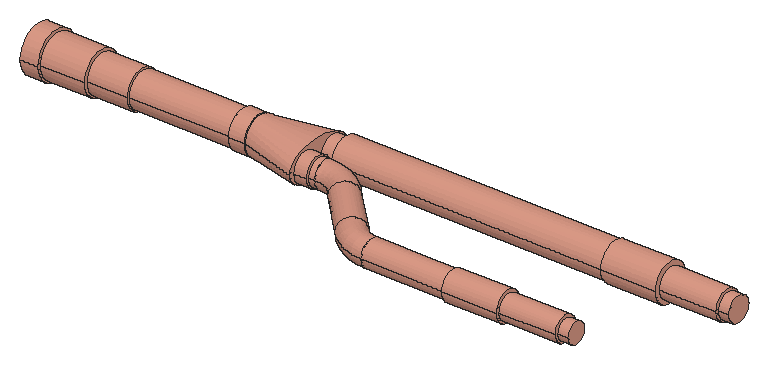
Revit family "outputfile", category 配管付属品, Revit 2024
Family settings
  丸型コネクタ寸法 = 半径を使用
  パーツ タイプ = 標準
  OmniClass 番号 = 23.65.55.00
  OmniClass タイトル = Distribution of Supplied Liquids/Gases
  作業面ベース = いいえ
  常に垂直 = はい
  ロード時にボイドで切り取り = いいえ
  共有 = いいえ
Parameters (values of type "KHRP25A72T + KHRP25M72TP")
  Description = ""
  製造元 = "Daikin"
  書き出し IFC クラス(タイプ) = "IfcPipeFittingType"
  定義済み IFC タイプ(タイプ) = "JUNCTION"
  Cost = 0
  Type Comments = ""
  Keynote = ""
  Type Image = (empty or 0)
  Assembly Code = ""
  mm⇔inch [instance] = yes
  l_dividePipe1 [instance] = size_lookup(table_StraightPipe, "l_dividePipe1", 10.0 mm, モデル)  # 10.0 mm
  Default Elevation = 0.0 mm
  モデル = "KHRP25A72T + KHRP25M72TP"
  table_StraightPipe [instance] = if(mm⇔inch, "Refnet Joint_KHRP25A-T_Gas_StraightPipe", "Refnet Joint_KHRP25A-T_Gas_StraightPipe_inch")  # "Refnet Joint_KHRP25A-T_Gas_StraightPipe"
  table_BranchPipe [instance] = if(mm⇔inch, "Refnet Joint_KHRP25A-T_Gas_BranchPipe", "Refnet Joint_KHRP25A-T_Gas_BranchPipe_inch")  # "Refnet Joint_KHRP25A-T_Gas_BranchPipe"
  table_Inlet [instance] = if(mm⇔inch, "Refnet Joint_KHRP25A-T_Gas_Inlet", "Refnet Joint_KHRP25A-T_Gas_Inlet_inch")  # "Refnet Joint_KHRP25A-T_Gas_Inlet"
  switch_StraightPipe_Reducer [instance] = if(Is_StraightPipe Reducer = 1, 1 = 1, 1 = 0)  # no
  switch_StraightPipe3 [instance] = if(number_StraightPipe = 3, 1 = 1, 1 = 0)  # yes
  switch_StraightPipe2 [instance] = if(number_StraightPipe < 2, 1 = 0, 1 = 1)  # yes
  switch_BranchPipe_Reducer [instance] = if(Is_BranchPipe Reducer = 1, 1 = 1, 1 = 0)  # no
  switch_BranchPipe3 [instance] = if(number_BranchPipe = 3, 1 = 1, 1 = 0)  # yes
  switch_BranchPipe2 [instance] = if(number_BranchPipe < 2, 1 = 0, 1 = 1)  # yes
  switch_Inlet pipe_Reducer [instance] = if(Is_Inlet Reducer = 1, 1 = 1, 1 = 0)  # no
  switch_Inlet pipe3 [instance] = if(number_InletPipe = 3, 1 = 1, 1 = 0)  # yes
  switch_Inlet pipe2 [instance] = if(number_InletPipe < 2, 1 = 0, 1 = 1)  # yes
  Uniclass2015Version = "Products v1.31"
  Uniclass2015Title = "Copper pipe fittings"
  Uniclass2015Code = "Pr_65_52_63_18"
  URL = ""
  StraightPipe_Gas_ActualDiameter [instance] = 15.9 mm
  Material_Piping = DAIKIN_Copper_Pipe
  Material_Insulation = DAIKIN_White_Insulation
  lw_Insulation [instance] = size_lookup(table_Inlet, "lw_Insulation", 57.8 mm, モデル)  # 53.5 mm
  Unit Type = "KHRP25A-T_Gas"
  Tag No. [instance] = ""
  StraightPipe_Gas_Status [instance] = size_lookup(table_StraightPipe, "Information", "The connected pipe size is not available.", モデル, StraightPipe_Gas_ActualDiameter)  # "Default connector size is used."
  Link_Nested Family [instance] = ""
  Inlet_Gas_Actual Diameter [instance] = 31.8 mm
  IfcVersion = ""
  IfcExportType = "JUNCTION"
  IfcExportAs = "IfcPipeFittingType"
  BranchPipe_Gas_Status [instance] = size_lookup(table_BranchPipe, "Information", "The connected pipe size is not available.", モデル, BranchPipe_Gas_ActualDiameter)  # "Default connector size is used."
  Inlet_Gas_Status [instance] = size_lookup(table_Inlet, "Information", "The connected pipe size is not available.", モデル, Inlet_Gas_Actual Diameter)  # "Default connector size is used."
  Series = "Refnet Joint"
  O.R_dividePipe_Inlet [instance] = (I.D_InletPipe1 + 2.0 mm) / 2  # 13.7 mm
  r_StraightPipe_Connector [instance] = StraightPipe_Gas_ActualDiameter / 2  # 7.95 mm
  r_BranchPipe_Connector [instance] = BranchPipe_Gas_ActualDiameter / 2  # 6.35 mm
  r_Inlet_Connector [instance] = Inlet_Gas_Actual Diameter / 2  # 15.9 mm
  number_StraightPipe [instance] = size_lookup(table_StraightPipe, "pipeNumber", 2, モデル, StraightPipe_Gas_ActualDiameter)  # 3
  number_BranchPipe [instance] = size_lookup(table_BranchPipe, "pipeNumber", 2, モデル, BranchPipe_Gas_ActualDiameter)  # 3
  number_InletPipe [instance] = size_lookup(table_Inlet, "pipeNumber", 3, モデル, Inlet_Gas_Actual Diameter)  # 3
  r_BranchPipeR [instance] = size_lookup(table_BranchPipe, "r_offsetPipeR", 25.0 mm, モデル, BranchPipe_Gas_ActualDiameter)  # 30.0 mm
  l_BranchPipe_Straight2 [instance] = size_lookup(table_BranchPipe, "L_offsetPipe2", 43.0 mm, モデル)  # 60.0 mm
  l_BranchPipe_Straight1 [instance] = size_lookup(table_BranchPipe, "L_offsetPipe1", 5.0 mm, モデル)  # 5.0 mm
  l_BranchPipe connector [instance] = size_lookup(table_BranchPipe, "Length", 170.0 mm, モデル, BranchPipe_Gas_ActualDiameter)  # 243.0 mm
  l_inlet connector [instance] = size_lookup(table_Inlet, "Length", 130.0 mm, モデル, Inlet_Gas_Actual Diameter)  # 162.0 mm
  l_dividePipe [instance] = size_lookup(table_Inlet, "L_devidePipe", 38.0 mm, モデル)  # 43.0 mm
  l_StraightPipeReducer [instance] = size_lookup(table_StraightPipe, "L_Reducer", 80.0 mm, モデル, StraightPipe_Gas_ActualDiameter)  # 100.0 mm
  l_StraightPipe3 [instance] = size_lookup(table_StraightPipe, "L_Pipe3", 2.0 mm, モデル)  # 8.0 mm
  l_StraightPipe2 [instance] = size_lookup(table_StraightPipe, "L_Pipe2", 8.0 mm, モデル)  # 42.0 mm
  l_StraightPipe1 [instance] = size_lookup(table_StraightPipe, "L_Pipe1", 42.0 mm, モデル)  # 40.0 mm
  l_StraightPipe0 [instance] = size_lookup(table_StraightPipe, "L_Pipe0", 152.0 mm, モデル)  # 198.0 mm
  l_StraightPipe connector [instance] = size_lookup(table_StraightPipe, "Length", 212.0 mm, モデル, StraightPipe_Gas_ActualDiameter)  # 298.0 mm
  l_BranchPipe Reducer [instance] = size_lookup(table_BranchPipe, "L_Reducer", 80.0 mm, モデル, BranchPipe_Gas_ActualDiameter)  # 100.0 mm
  l_BranchPipe3 [instance] = size_lookup(table_BranchPipe, "L_Pipe3", 2.0 mm, モデル)  # 8.0 mm
  l_BranchPipe2 [instance] = size_lookup(table_BranchPipe, "L_Pipe2", 8.0 mm, モデル)  # 42.0 mm
  l_BranchPipe1 [instance] = size_lookup(table_BranchPipe, "L_Pipe1", 42.0 mm, モデル)  # 40.0 mm
  l_BranchPipe0 [instance] = size_lookup(table_BranchPipe, "L_Pipe0", 110.0 mm, モデル)  # 143.0 mm
  l_InletReducer [instance] = size_lookup(table_Inlet, "L_Reducer", 100.0 mm, モデル, Inlet_Gas_Actual Diameter)  # 100.0 mm
  l_InletPipe3 [instance] = size_lookup(table_Inlet, "L_Pipe3", 8.0 mm, モデル)  # 13.0 mm
  l_InletPipe2 [instance] = size_lookup(table_Inlet, "L_Pipe2", 42.0 mm, モデル)  # 33.0 mm
  l_InletPipe1 [instance] = size_lookup(table_Inlet, "L_Pipe1", 40.0 mm, モデル)  # 30.0 mm
  l_InletPipe0 [instance] = size_lookup(table_Inlet, "L_Pipe0", 28.0 mm, モデル)  # 74.0 mm
  center_StraightPipe [instance] = size_lookup(table_StraightPipe, "center_Pipe", 11.5 mm, モデル)  # 12.5 mm
  center_BranchPipe2 [instance] = size_lookup(table_BranchPipe, "center_OffsetPipe", 68.5 mm, モデル)  # 67.5 mm
  center_BranchPipe1 [instance] = size_lookup(table_BranchPipe, "center_Pipe", 11.5 mm, モデル)  # 12.5 mm
  StraightPipe_Gas_AvailableDiameter [instance] = size_lookup(table_StraightPipe, "sizeVariation", "", モデル)  # "15.9/19.1/25.4/28.6mm"
  BranchPipe_Gas_AvailableDiameter [instance] = size_lookup(table_BranchPipe, "sizeVariation", "", モデル)  # "12.7/15.9/19.1/22.2mm"
  Inlet_Gas_Available Diameter [instance] = size_lookup(table_Inlet, "sizeVariation", "", モデル)  # "25.4/28.6/31.8mm"
  O.D_StraightPipe Reducer [instance] = size_lookup(table_StraightPipe, "O.D_reducer", 2.0 mm, モデル, StraightPipe_Gas_ActualDiameter)  # 2.0 mm
  O.D_Offset Outlet Reducer [instance] = size_lookup(table_BranchPipe, "O.D_reducer", 2.0 mm, モデル, BranchPipe_Gas_ActualDiameter)  # 2.0 mm
  O.D_Inlet Reducer [instance] = size_lookup(table_Inlet, "O.D_reducer", 2.0 mm, モデル, Inlet_Gas_Actual Diameter)  # 2.0 mm
  Is_StraightPipe Reducer [instance] = size_lookup(table_StraightPipe, "IsReducer", 0, モデル, StraightPipe_Gas_ActualDiameter)  # 0
  Is_BranchPipe Reducer [instance] = size_lookup(table_BranchPipe, "IsReducer", 0, モデル, BranchPipe_Gas_ActualDiameter)  # 0
  Is_Inlet Reducer [instance] = size_lookup(table_Inlet, "IsReducer", 0, モデル, Inlet_Gas_Actual Diameter)  # 0
  BranchPipe_Gas_ActualDiameter [instance] = 12.7 mm
  Attach_Insulation [instance] = no
  I.D_StraightPipe3 [instance] = size_lookup(table_StraightPipe, "I.D_PipeSize3", 2.0 mm, モデル)  # 15.9 mm
  I.D_StraightPipe2 [instance] = size_lookup(table_StraightPipe, "I.D_PipeSize2", 12.7 mm, モデル)  # 19.1 mm
  I.D_StraightPipe1 [instance] = size_lookup(table_StraightPipe, "I.D_PipeSize1", 15.9 mm, モデル)  # 25.4 mm
  I.D_StraightPipe0 [instance] = size_lookup(table_StraightPipe, "I.D_PipeSize0", 13.9 mm, モデル)  # 23.4 mm
  I.D_BranchPipe3 [instance] = size_lookup(table_BranchPipe, "I.D_PipeSize3", 2.0 mm, モデル)  # 12.7 mm
  I.D_BranchPipe2 [instance] = size_lookup(table_BranchPipe, "I.D_PipeSize2", 12.7 mm, モデル)  # 15.9 mm
  I.D_BranchPipe1 [instance] = size_lookup(table_BranchPipe, "I.D_PipeSize1", 15.9 mm, モデル)  # 19.1 mm
  I.D_BranchPipe0 [instance] = size_lookup(table_BranchPipe, "I.D_PipeSize0", 13.9 mm, モデル)  # 17.1 mm
  I.D_Straight Reducer [instance] = size_lookup(table_StraightPipe, "I.D_reducer", 2.0 mm, モデル, StraightPipe_Gas_ActualDiameter)  # 2.0 mm
  I.D_OutletPipe [instance] = size_lookup(table_Inlet, "I.D_OutletPipeSize", 16.0 mm, モデル, Inlet_Gas_Actual Diameter)  # 19.2 mm
  I.D_Branch Reducer [instance] = size_lookup(table_BranchPipe, "I.D_reducer", 2.0 mm, モデル, BranchPipe_Gas_ActualDiameter)  # 2.0 mm
  I.D_Inlet Reducer [instance] = size_lookup(table_Inlet, "I.D_reducer", 2.0 mm, モデル, Inlet_Gas_Actual Diameter)  # 2.0 mm
  I.D_InletPipe3 [instance] = size_lookup(table_Inlet, "I.D_PipeSize3", 12.7 mm, モデル)  # 31.8 mm
  I.D_InletPipe2 [instance] = size_lookup(table_Inlet, "I.D_PipeSize2", 15.9 mm, モデル)  # 28.6 mm
  I.D_InletPipe1 [instance] = size_lookup(table_Inlet, "I.D_PipeSize1", 19.1 mm, モデル)  # 25.4 mm
  I.D_InletPipe0 [instance] = size_lookup(table_Inlet, "I.D_PipeSize0", 17.1 mm, モデル)  # 23.4 mm
Reference planes
  plane 1 "Center (Front/Back)": y = 0
  plane 2: z = 0
  plane 3 "base_left": x = 0
  plane 4: x = 13
  plane 5: x = 46
  plane 6: x = 76
  plane 7: x = 150
  plane 8: x = 162
  plane 9: x = 205
  plane 10: x = 215
  plane 11 "center_straight outlet": y = 12.5
  plane 12 "center2_offset outlet": y = -67.5
  plane 13 "center1_offset outlet": y = -12.5
  plane 14: x = 413
  plane 15: x = 453
  plane 16: x = 495
  plane 17: x = 358
  plane 18: x = 398
  plane 19: x = 440
  plane 20: x = 503
  plane 21: x = 448
  plane 22 "Reducer_straightoutlet": x = 448
  plane 23: x = 503
  plane 24: y = -26.2
  plane 25: z = 13.7
  plane 26 "Inlet_connector": x = 0
  plane 27 "Left_Insulation": x = 108.5
Forms (mm)
  SweptBlend 1, solid, material "DAIKIN_Copper_Pipe" <- "Material_Piping"
    path origin (0, 0, 0) x (1, 0, 0) y (0, 1, 0)
      loop
        line (162, 0) -> (205, 0)
    profile origin (162, 0, 0) x (0, 1, 0) y (0, 0, 1)
      loop
        circle (0, 0) r 13.7
    end profile origin (205, 0, 0) x (0, 1, 0) y (0, 0, 1)
      loop
        spline (-26.2, 0) -> (-25.307, -3.546) -> (-22.69, -6.85) -> (-18.526, -9.687) -> (-13.1, -11.865) -> (-6.781, -13.233) -> (0, -13.7) -> (6.781, -13.233) -> (13.1, -11.865) -> (18.526, -9.687) -> (22.69, -6.85) -> (25.307, -3.546) -> (26.2, 0)
        spline (26.2, 0) -> (25.307, 3.546) -> (22.69, 6.85) -> (18.526, 9.687) -> (13.1, 11.865) -> (6.781, 13.233) -> (0, 13.7) -> (-6.781, 13.233) -> (-13.1, 11.865) -> (-18.526, 9.687) -> (-22.69, 6.85) -> (-25.307, 3.546) -> (-26.2, 0)
Dimensions and locks
  "l_InletPipe3": plane 3 "base_left" to plane 4
  "l_InletPipe2": plane 4 to plane 5
  "l_InletPipe1": plane 5 to plane 6
  "l_InletPipe0": plane 6 to plane 7
  locked: plane 7 to plane 8 at 12
  "center_StraightPipe": plane 1 "Center (Front/Back)" to plane 11 "center_straight outlet"
  "center_BranchPipe2": plane 12 "center2_offset outlet" to plane 1 "Center (Front/Back)"
  "center_BranchPipe1": plane 13 "center1_offset outlet" to plane 1 "Center (Front/Back)"
  "l_dividePipe": plane 8 to plane 9
  "l_dividePipe1": plane 9 to plane 10
  "l_StraightPipe0": plane 10 to plane 14
  "l_BranchPipe0": plane 10 to plane 17
  "l_BranchPipe1": plane 17 to plane 18
  "l_BranchPipe2": plane 18 to plane 19
  "l_StraightPipe1": plane 14 to plane 15
  "l_StraightPipe2": plane 15 to plane 16
  "l_StraightPipe3": plane 16 to plane 20
  "l_BranchPipe3": plane 19 to plane 21
  "l_BranchPipe connector": plane 9 to plane 22 "Reducer_straightoutlet"
  "l_StraightPipe connector": plane 9 to plane 23
  "O.R_dividePipe_Inlet": plane 24 to plane 13 "center1_offset outlet"
  "O.R_dividePipe_Inlet": plane 25 to plane 2
  "l_inlet connector": plane 26 "Inlet_connector" to plane 8
  "lw_Insulation": plane 27 "Left_Insulation" to plane 8
  "O.R_dividePipe_Inlet": radius of SweptBlend 1 sketch curve
  aligned and locked: level to plane 2
  aligned and locked: plane 2 to nested 1
  aligned and locked: plane 3 "base_left" to nested 1
  aligned and locked: plane 1 "Center (Front/Back)" to nested 1
  aligned and locked: plane 4 to nested 2
  aligned and locked: plane 1 "Center (Front/Back)" to nested 2
  aligned and locked: plane 5 to nested 2
  aligned and locked: plane 5 to nested 3
  aligned and locked: plane 6 to nested 3
  aligned and locked: plane 6 to nested 4
  aligned and locked: nested 4 to plane 7
  aligned and locked: nested 5 to plane 7
  aligned and locked: nested 5 to plane 8
  aligned and locked: plane 8 to SweptBlend 1 sketch curve
  aligned and locked: plane 9 to SweptBlend 1 sketch curve
  aligned and locked: plane 2 to SweptBlend 1 sketch curve  (x2)
  aligned and locked: plane 1 "Center (Front/Back)" to SweptBlend 1 sketch curve  (x2)
  aligned and locked: nested 6 to plane 9
  aligned and locked: nested 7 to plane 9
  aligned and locked: nested 6 to plane 11 "center_straight outlet"
  aligned and locked: nested 7 to plane 13 "center1_offset outlet"
  aligned and locked: nested 7 to plane 10
  aligned and locked: nested 6 to plane 10
  aligned and locked: nested 8 to plane 10
  aligned and locked: plane 14 to nested 8
  aligned and locked: nested 8 to plane 11 "center_straight outlet"
  aligned and locked: plane 14 to nested 9
  aligned and locked: nested 9 to plane 11 "center_straight outlet"
  aligned and locked: plane 15 to nested 9
  aligned and locked: nested 10 to plane 11 "center_straight outlet"
  aligned and locked: plane 15 to nested 10
  aligned and locked: plane 16 to nested 10
  aligned and locked: nested 11 to plane 12 "center2_offset outlet"
  aligned and locked: plane 17 to nested 11
  aligned and locked: plane 18 to nested 11
  aligned and locked: nested 12 to plane 12 "center2_offset outlet"
  aligned and locked: plane 18 to nested 12
  aligned and locked: plane 19 to nested 12
  aligned and locked: nested 13 to plane 10
  aligned and locked: nested 13 to plane 13 "center1_offset outlet"
  aligned and locked: nested 13 to plane 12 "center2_offset outlet"
  aligned and locked: plane 8 to nested 14
  aligned and locked: plane 1 "Center (Front/Back)" to nested 14
  aligned and locked: plane 11 "center_straight outlet" to nested 15
  aligned and locked: nested 15 to plane 9
  aligned and locked: nested 16 to plane 9
  aligned and locked: plane 12 "center2_offset outlet" to nested 16
  aligned and locked: nested 17 to plane 1 "Center (Front/Back)"
  aligned and locked: plane 16 to nested 18
  aligned and locked: plane 20 to nested 18
  aligned and locked: plane 19 to nested 19
  aligned and locked: plane 21 to nested 19
  aligned and locked: nested 20 to plane 12 "center2_offset outlet"
  aligned and locked: plane 23 to nested 21
  aligned and locked: nested 21 to plane 11 "center_straight outlet"
  aligned and locked: plane 4 to nested 1
  aligned and locked: plane 24 to SweptBlend 1 sketch curve
  aligned and locked: plane 25 to SweptBlend 1 sketch curve
  aligned and locked: nested 19 to plane 12 "center2_offset outlet"
  aligned and locked: nested 18 to plane 11 "center_straight outlet"
  aligned and locked: nested 17 to plane 26 "Inlet_connector"
  aligned and locked: plane 22 "Reducer_straightoutlet" to nested 20
  aligned and locked: plane 27 "Left_Insulation" to nested 22
  aligned and locked: plane 1 "Center (Front/Back)" to nested 22
Automatic sketch dimensions
  plane 1 "Center (Front/Back)" to SweptBlend 1 sketch curve = 0.0 mm
Nested families
  nested 1: "daikin_Pipe" at (6.5, 0, 0), I.D_Pipe <- "I.D_InletPipe3", display <- "switch_Inlet pipe3", type "*"
    with length_Pipe 13.0 mm, display yes, O.D_Pipe 33.8 mm, I.D_Pipe 31.8 mm
  nested 2: "daikin_Pipe" at (29.5, 0, 0), I.D_Pipe <- "I.D_InletPipe2", display <- "switch_Inlet pipe2", type "*"
    with length_Pipe 33.0 mm, display yes, O.D_Pipe 30.6 mm, I.D_Pipe 28.6 mm
  nested 3: "daikin_Pipe" at (61, 0, 0), I.D_Pipe <- "I.D_InletPipe1", type "*"
    with length_Pipe 30.0 mm, display yes, O.D_Pipe 27.4 mm, I.D_Pipe 25.4 mm
  nested 4: "daikin_Pipe" at (113, 0, 0), I.D_Pipe <- "I.D_InletPipe0", type "*"
    with length_Pipe 74.0 mm, display yes, O.D_Pipe 25.4 mm, I.D_Pipe 23.4 mm
  nested 5: "daikin_Pipe" at (156, 0, 0), I.D_Pipe <- "I.D_InletPipe1", type "*"
    with length_Pipe 12.0 mm, display yes, O.D_Pipe 27.4 mm, I.D_Pipe 25.4 mm
  nested 6: "daikin_Pipe" at (210, 12.5, 0), I.D_Pipe <- "I.D_OutletPipe", type "*"
    with length_Pipe 10.0 mm, display yes, O.D_Pipe 21.2 mm, I.D_Pipe 19.2 mm
  nested 7: "daikin_Pipe" at (210, -12.5, 0), I.D_Pipe <- "I.D_OutletPipe", type "*"
    with length_Pipe 10.0 mm, display yes, O.D_Pipe 21.2 mm, I.D_Pipe 19.2 mm
  nested 8: "daikin_Pipe" at (314, 12.5, 0), I.D_Pipe <- "I.D_StraightPipe0", type "*"
    with length_Pipe 198.0 mm, display yes, O.D_Pipe 25.4 mm, I.D_Pipe 23.4 mm
  nested 9: "daikin_Pipe" at (433, 12.5, 0), I.D_Pipe <- "I.D_StraightPipe1", type "*"
    with length_Pipe 40.0 mm, display yes, O.D_Pipe 27.4 mm, I.D_Pipe 25.4 mm
  nested 10: "daikin_Pipe" at (474, 12.5, 0), I.D_Pipe <- "I.D_StraightPipe2", display <- "switch_StraightPipe2", type "*"
    with length_Pipe 42.0 mm, display yes, O.D_Pipe 21.1 mm, I.D_Pipe 19.1 mm
  nested 11: "daikin_Pipe" at (378, -67.5, 0), I.D_Pipe <- "I.D_BranchPipe1", type "*"
    with length_Pipe 40.0 mm, display yes, O.D_Pipe 21.1 mm, I.D_Pipe 19.1 mm
  nested 12: "daikin_Pipe" at (419, -67.5, 0), I.D_Pipe <- "I.D_BranchPipe2", display <- "switch_BranchPipe2", type "*"
    with length_Pipe 42.0 mm, display yes, O.D_Pipe 17.9 mm, I.D_Pipe 15.9 mm
  nested 13: "daikin_Pipe Ofsset" at (215, -12.5, 0), I.D_Pipe size <- "I.D_BranchPipe0", length_straight pipe1 <- "l_BranchPipe_Straight1", length_straight pipe2 <- "l_BranchPipe_Straight2", r_Pipe R <- "r_BranchPipeR", length_Pipe <- "l_BranchPipe0", type "*"
    with r_Pipe R 30.0 mm, length_straight pipe2 60.0 mm, length_straight pipe1 5.0 mm, length_offset center 55.0 mm, length_Pipe 143.0 mm, O.D_Pipe size 19.1 mm, I.D_Pipe size 17.1 mm
  nested 14: "daikin_connector_rotate2" at (162, 0, 0) x (0, -1, 0) z (0, 0, 1), length <- "l_inlet connector", type "daikin_connector_rotate2"
    with radius 5.0 mm, length 162.0 mm, angle_vertical 90.00°, locaton_mark no
  nested 15: "daikin_connector_rotate2" at (205, 12.5, 0) x (0, 1, 0) z (0, 0, 1), length <- "l_StraightPipe connector", type "daikin_connector_rotate2"
    with radius 5.0 mm, length 298.0 mm, angle_vertical 90.00°, locaton_mark no
  nested 16: "daikin_connector_rotate2" at (205, -67.5, 0) x (0, 1, 0) z (0, 0, 1), length <- "l_BranchPipe connector", type "daikin_connector_rotate2"
    with radius 5.0 mm, length 243.0 mm, angle_vertical 90.00°, locaton_mark no
  nested 17: "daikin_Pipe_reducer" at (50, 0, 0) x (-1, 0, 0) z (0, 0, 1), display <- "switch_Inlet pipe_Reducer", length_Pipe <- "l_InletReducer", I.D_Pipe1 <- "I.D_Inlet Reducer", O.D_Pipe2 <- "O.D_Inlet Reducer", type "*"
    with length_Pipe 100.0 mm, display no, O.D_Pipe2 2.0 mm, O.D_Pipe1 4.0 mm, I.D_Pipe2 0.0 mm, I.D_Pipe1 2.0 mm
  nested 18: "daikin_Pipe" at (499, 12.5, 0), I.D_Pipe <- "I.D_StraightPipe3", display <- "switch_StraightPipe3", type "*"
    with length_Pipe 8.0 mm, display yes, O.D_Pipe 17.9 mm, I.D_Pipe 15.9 mm
  nested 19: "daikin_Pipe" at (444, -67.5, 0), I.D_Pipe <- "I.D_BranchPipe3", display <- "switch_BranchPipe3", type "*"
    with length_Pipe 8.0 mm, display yes, O.D_Pipe 14.7 mm, I.D_Pipe 12.7 mm
  nested 20: "daikin_Pipe_reducer" at (398, -67.5, 0), I.D_Pipe1 <- "I.D_Branch Reducer", O.D_Pipe2 <- "O.D_Offset Outlet Reducer", length_Pipe <- "l_BranchPipe Reducer", display <- "switch_BranchPipe_Reducer", type "*"
    with length_Pipe 100.0 mm, display no, O.D_Pipe2 2.0 mm, O.D_Pipe1 4.0 mm, I.D_Pipe2 0.0 mm, I.D_Pipe1 2.0 mm
  nested 21: "daikin_Pipe_reducer" at (453, 12.5, 0), I.D_Pipe1 <- "I.D_Straight Reducer", O.D_Pipe2 <- "O.D_StraightPipe Reducer", length_Pipe <- "l_StraightPipeReducer", display <- "switch_StraightPipe_Reducer", type "*"
    with length_Pipe 100.0 mm, display no, O.D_Pipe2 2.0 mm, O.D_Pipe1 4.0 mm, I.D_Pipe2 0.0 mm, I.D_Pipe1 2.0 mm
  nested 22: "daikin_Insulation_RefnetJoint" at (108.5, 0, 0), I.D_Outlet PipeSize <- "I.D_OutletPipe", type "*"
    with h 51.2 mm, I.D_Outlet PipeSize 19.2 mm, r_Insulation 11.0 mm, h_Insulation 200.0 mm, d_Insulation3_3 73.0 mm, d_Insulation2_2 43.5 mm, d_Insulation1_1 30.0 mm, w_Insulation4 60.3 mm, w_Insulation3 41.3 mm, w_Insulation2 72.0 mm, w_Insulation1 20.0 mm, display no, d_Insulation3 65.0 mm, d_Insulation2 43.5 mm, d_Insulation1 30.0 mm
Connectors
  piping at (0, 0, 0), diameter 31.8, driven by "r_Inlet_Connector"
    settings: on nested 14, index 1, connector inside diameter 609.6 mm, connector length 0.0 mm, flow factor 0, pipe flow 0.00 m³/h, pressure drop 0.0 Pa, fitting loss kfactor 0, connector angle 0.00°, fixture units 0, engagement length 0.0 mm, angle of deflection 0.00°, flow configuration 0, flow direction 2, fitting loss method 0, system type 29, joint type 0, gender type 0, connector reference index -1, connector utility 0, adjustable connector no, is connector primary yes, connector description "Refnet Joint_Inlet_Gas"
  piping at (448, -67.5, 0), diameter 12.7, driven by "r_BranchPipe_Connector"
    settings: on nested 16, index 2, connector inside diameter 609.6 mm, connector length 0.0 mm, flow factor 0, pipe flow 0.00 m³/h, pressure drop 0.0 Pa, fitting loss kfactor 0, connector angle 0.00°, fixture units 0, engagement length 0.0 mm, angle of deflection 0.00°, flow configuration 0, flow direction 1, fitting loss method 0, system type 29, joint type 0, gender type 0, connector reference index -1, connector utility 0, adjustable connector no, is connector primary no, connector description "Refnet Joint_Outlet Branch_Gas"
  piping at (503, 12.5, 0), diameter 15.9, driven by "r_StraightPipe_Connector"
    settings: on nested 15, index 3, connector inside diameter 609.6 mm, connector length 0.0 mm, flow factor 0, pipe flow 0.00 m³/h, pressure drop 0.0 Pa, fitting loss kfactor 0, connector angle 0.00°, fixture units 0, engagement length 0.0 mm, angle of deflection 0.00°, flow configuration 0, flow direction 1, fitting loss method 0, system type 29, joint type 0, gender type 0, connector reference index -1, connector utility 0, adjustable connector no, is connector primary no, connector description "Refnet Joint_Outlet Straight_Gas"
Definition of nested family "daikin_Pipe"
  Parameters (values of type "*")
    Default Elevation = 0.0 mm
    material = none
    length_Pipe [instance] = 150.0 mm
    display [instance] = yes
    O.D_Pipe [instance] = I.D_Pipe + 2.0 mm  # 27.0 mm
    I.D_Pipe [instance] = 25.0 mm
  Reference planes
    plane 1 "Center (Front/Back)": y = 0
    plane 2 "center(vertical)": z = 0
    plane 3 "Center (Left/Right)": x = 0
    plane 4 "left": x = -75
    plane 5 "right": x = 75
  Forms (mm)
    Extrusion 1, solid, material <- "material", visible <- "display"
      sketch origin (0, 0, 0) x (0, 1, 0) y (0, 0, 1)
        loop
          circle (0, 0) r 13.5
      from -75 to 75
  Dimensions and locks
    equal spacing: plane 4 "left", plane 3 "Center (Left/Right)", plane 5 "right"
    "length_Pipe": plane 4 "left" to plane 5 "right"
    "O.D_Pipe": diameter of Extrusion 1 sketch curve
    aligned and locked: level to plane 2 "center(vertical)"
    aligned and locked: plane 2 "center(vertical)" to Extrusion 1 sketch curve
    aligned and locked: plane 1 "Center (Front/Back)" to Extrusion 1 sketch curve
    aligned and locked: plane 5 "right" to Extrusion 1
    aligned and locked: Extrusion 1 to plane 4 "left"
Definition of nested family "daikin_Pipe Ofsset"
  Parameters (values of type "*")
    Default Elevation = 0.0 mm
    r_Pipe R [instance] = 40.0 mm
    material = none
    length_straight pipe2 [instance] = 43.0 mm
    length_straight pipe1 [instance] = 5.0 mm
    length_offset center [instance] = 57.0 mm
    length_Pipe [instance] = 110.0 mm
    O.D_Pipe size [instance] = I.D_Pipe size + 2.0 mm  # 12.0 mm
    I.D_Pipe size [instance] = 10.0 mm
  Reference planes
    plane 1 "Center (Front/Back)": y = 0
    plane 2: z = 0
    plane 3 "Center (Left/Right)": x = 0
    plane 4: y = -57
    plane 5: x = 110
    plane 6: x = 67
    plane 7: x = 5
  Forms (mm)
    Sweep 1, solid, material <- "material"
      path origin (0, 0, 0) x (1, 0, 0) y (0, 1, 0)
        loop
          line (0, 0) -> (5, 0)
          arc (5, 0) -> (20.74, -3.227) -> (33.94, -12.387) r 40
          line (33.94, -12.387) -> (38.06, -44.613)
          arc (38.06, -44.613) -> (51.26, -53.773) -> (67, -57) r 40
          line (67, -57) -> (110, -57)
      profile origin (2.5, 0, 0) x (0, 1, 0) y (0, 0, 1)
        loop
          circle (0, 0) r 6
  Dimensions and locks
    "length_offset center": plane 4 to plane 1 "Center (Front/Back)"
    "length_straight pipe1": plane 3 "Center (Left/Right)" to plane 7
    "length_Pipe": plane 3 "Center (Left/Right)" to plane 5
    "length_straight pipe2": plane 6 to plane 5
    "O.D_Pipe size": diameter of Sweep 1 sketch curve
    "r_Pipe R": radius of Sweep 1 sketch curve  (x2)
    aligned and locked: level to plane 2
    aligned and locked: plane 1 "Center (Front/Back)" to Sweep 1 sketch curve
    aligned and locked: profile plane to Sweep 1 sketch curve
    aligned and locked: plane 5 to Sweep 1 sketch curve
    aligned and locked: plane 7 to Sweep 1 sketch curve
    aligned and locked: plane 6 to Sweep 1 sketch curve
  Automatic sketch dimensions
    plane 1 "Center (Front/Back)" to Sweep 1 sketch curve = 0.0 mm
    Sweep 1 sketch curve to plane 3 "Center (Left/Right)" = 0.0 mm
    plane 4 to Sweep 1 sketch curve = 0.0 mm
    plane 1 "Center (Front/Back)" to Sweep 1 sketch curve = 12.387 mm
    Sweep 1 sketch curve to plane 4 = 12.387 mm
Definition of nested family "daikin_connector_rotate2"
  Parameters (values of type "daikin_connector_rotate2")
    show_face = no
    radius [instance] = 10.0 mm
    locaton_mark = yes
    length [instance] = 600.0 mm
    d_surface = 10.0 mm
    angle_vertical [instance] = 90.00°
    Default Elevation = 0.0 mm
  Reference planes
    plane 1 "Center (Front/Back)": y = 0
    plane 2: z = 0
    plane 3 "Center (Left/Right)": x = 0
  Forms (mm)
    Extrusion 1, solid, visible <- "show_face"
      sketch origin (0, -600, 0) x (1, 0, 0) y (0, 0, 1)
        loop
          circle (0, 0) r 10
      from 0 to -10
  Lines and regions (mm)
    reference lines
      curve 1: line (0, 0, 0) -> (0, -600, 0)
    symbolic lines, visible <- "locaton_mark"
      curve 2: circle (0, 0, 0) r 5 normal (0, 0, 1)
    model lines, visible <- "show_face"
      curve 3: line (0, 0, 0) -> (0, -600, 0)
  Dimensions and locks
    "length": curve 1 to curve 1
    "length": curve 3 to curve 3
    "d_surface": Extrusion 1 to Extrusion 1
    "radius": radius of Extrusion 1 sketch curve
    "angle_vertical": angle curve 1 to plane 1 "Center (Front/Back)"
    "angle_vertical": angle curve 3 to plane 1 "Center (Front/Back)"
    aligned and locked: level to plane 2
    aligned and locked: plane 1 "Center (Front/Back)" to curve 1
    aligned and locked: plane 2 to curve 1
    aligned and locked: plane 1 "Center (Front/Back)" to curve 2
    aligned and locked: plane 3 "Center (Left/Right)" to curve 2
    aligned and locked: plane 1 "Center (Front/Back)" to curve 3
    aligned and locked: plane 2 to curve 3
    aligned and locked: Extrusion 1 to Extrusion 1
  Automatic sketch dimensions
    Extrusion 1 sketch curve to level = 0.0 mm
    Extrusion 1 sketch curve to plane 3 "Center (Left/Right)" = 0.0 mm
    radius of curve 2 = 5.0 mm
Definition of nested family "daikin_Pipe_reducer"
  Parameters (values of type "*")
    Default Elevation = 0.0 mm
    material = none
    length_Pipe [instance] = 250.0 mm
    display [instance] = yes
    O.D_Pipe2 [instance] = 19.1 mm
    O.D_Pipe1 [instance] = I.D_Pipe1 + 2.0 mm  # 24.2 mm
    I.D_Pipe2 [instance] = O.D_Pipe2 - 2.0 mm  # 17.1 mm
    I.D_Pipe1 [instance] = 22.2 mm
  Reference planes
    plane 1 "Center (Front/Back)": y = 0
    plane 2 "center(vertical)": z = 0
    plane 3 "Center (Left/Right)": x = 0
    plane 4 "connection": x = -125
    plane 5 "right": x = 113
    plane 6: x = 125
  Forms (mm)
    Extrusion 1, solid, material <- "material", visible <- "display"
      sketch origin (0, 0, 0) x (0, 1, 0) y (0, 0, 1)
        loop
          circle (0, 0) r 9.55
      from -125 to 113
    Extrusion 2, solid, material <- "material", visible <- "display"
      sketch origin (0, 0, 0) x (0, 1, 0) y (0, 0, 1)
        loop
          circle (0, 0) r 12.1
      from 113 to 125
  Dimensions and locks
    locked: plane 5 "right" to plane 6 at 12
    "length_Pipe": plane 4 "connection" to plane 6
    equal spacing: plane 4 "connection", plane 3 "Center (Left/Right)", plane 6
    "O.D_Pipe2": diameter of Extrusion 1 sketch curve
    "O.D_Pipe1": diameter of Extrusion 2 sketch curve
    aligned and locked: level to plane 2 "center(vertical)"
    aligned and locked: plane 2 "center(vertical)" to Extrusion 1 sketch curve
    aligned and locked: plane 1 "Center (Front/Back)" to Extrusion 1 sketch curve
    aligned and locked: plane 5 "right" to Extrusion 1
    aligned and locked: Extrusion 1 to plane 4 "connection"
    aligned and locked: plane 2 "center(vertical)" to Extrusion 2 sketch curve
    aligned and locked: plane 1 "Center (Front/Back)" to Extrusion 2 sketch curve
    aligned and locked: Extrusion 2 to plane 5 "right"
    aligned and locked: plane 6 to Extrusion 2
Definition of nested family "daikin_Insulation_RefnetJoint"
  Parameters (values of type "*")
    r_Insulation = size_lookup(table_Insulation, "r_Insulation", 13.5 mm, Model)  # 13.5 mm
    h_Insulation = size_lookup(table_Insulation, "h_Insulation", 202.5 mm, Model)  # 202.5 mm
    d_Insulation3_3 = size_lookup(table_Insulation, "d_Insulation3_3", 68.0 mm, Model)  # 68.0 mm
    d_Insulation2_2 = size_lookup(table_Insulation, "d_Insulation2_2", 38.0 mm, Model)  # 38.0 mm
    d_Insulation1_1 = size_lookup(table_Insulation, "d_Insulation1_1", 26.5 mm, Model)  # 26.5 mm
    Default Elevation = 0.0 mm
    Model = "KHRP25A22T"
    w_Insulation5 = size_lookup(table_Insulation, "w_Insulation5", 212.0 mm, Model)  # 212.0 mm
    w_Insulation4 = size_lookup(table_Insulation, "w_Insulation4", 67.0 mm, Model)  # 67.0 mm
    w_Insulation3 = size_lookup(table_Insulation, "w_Insulation3", 34.7 mm, Model)  # 34.7 mm
    w_Insulation2 = size_lookup(table_Insulation, "w_Insulation2", 80.0 mm, Model)  # 80.0 mm
    w_Insulation1 = size_lookup(table_Insulation, "w_Insulation1", 22.0 mm, Model)  # 22.0 mm
    table_Insulation = "Refnet Joint_KHRP25A-T_Gas_Insulation"  # constant formula
    material = none
    h [instance] = (I.D_Outlet PipeSize + 2.0 mm) + 30.0 mm  # 47.0 mm
    display = yes
    d_Insulation3 = size_lookup(table_Insulation, "d_Insulation3", 63.5 mm, Model)  # 63.5 mm
    d_Insulation2 = size_lookup(table_Insulation, "d_Insulation2", 41.0 mm, Model)  # 41.0 mm
    d_Insulation1 = size_lookup(table_Insulation, "d_Insulation1", 29.5 mm, Model)  # 29.5 mm
    I.D_Outlet PipeSize [instance] = 15.0 mm
  Reference planes
    plane 1 "Center (Front/Back)": y = 0
    plane 2: z = 0
    plane 3 "Left": x = 0
    plane 4 "top": z = 23.5
    plane 5 "bottom": z = -23.5
    plane 6: x = 22
    plane 7: x = 80
    plane 8: y = 26.5
    plane 9: y = -29.5
    plane 10: y = 38
    plane 11: y = -41
    plane 12: y = -93.5
    plane 13: x = 212
    plane 14: y = -30
    plane 15: x = 114.7
    plane 16: x = 145
    plane 17: x = 202.5
  Forms (mm)
    Extrusion 1, solid, material <- "material", visible <- "display"
      sketch origin (0, 0, 0) x (1, 0, 0) y (0, 1, 0)
        loop
          line (22, 26.5) -> (0, 26.5) -> (0, -29.5) -> (22, -29.5) -> (80, -41) -> (114.7, -41) -> (145, -93.5) -> (212, -93.5) -> (212, -43.5) -> (202.5, -43.5)
          arc (202.5, -43.5) -> (189, -30) -> (202.5, -16.5) r 13.5
          line (202.5, -16.5) -> (212, -16.5) -> (212, 38) -> (80, 38) -> (22, 26.5)
      from -23.5 to 23.5
  Dimensions and locks
    equal spacing: plane 4 "top", plane 2, plane 5 "bottom"
    "h": plane 4 "top" to plane 5 "bottom"
    "w_Insulation1": plane 3 "Left" to plane 6
    "w_Insulation2": plane 3 "Left" to plane 7
    "w_Insulation5": plane 3 "Left" to plane 13
    "w_Insulation3": plane 7 to plane 15
    "w_Insulation4": plane 16 to plane 13
    "d_Insulation1": plane 1 "Center (Front/Back)" to plane 9
    "d_Insulation1_1": plane 8 to plane 1 "Center (Front/Back)"
    "d_Insulation2": plane 1 "Center (Front/Back)" to plane 11
    "d_Insulation2_2": plane 10 to plane 1 "Center (Front/Back)"
    "d_Insulation3_3": plane 10 to plane 14
    "d_Insulation3": plane 14 to plane 12
    "r_Insulation": Extrusion 1 sketch curve to plane 14
    "r_Insulation": plane 14 to Extrusion 1 sketch curve
    "h_Insulation": plane 3 "Left" to plane 17
    "r_Insulation": radius of Extrusion 1 sketch curve
    aligned and locked: level to plane 2
    aligned and locked: Extrusion 1 to plane 5 "bottom"
    aligned and locked: plane 4 "top" to Extrusion 1
    aligned and locked: plane 6 to Extrusion 1  (x2)
    aligned and locked: plane 7 to Extrusion 1  (x2)
    aligned and locked: plane 6 to Extrusion 1 sketch curve
    aligned and locked: plane 11 to Extrusion 1 sketch curve
    aligned and locked: plane 7 to Extrusion 1 sketch curve  (x2)
    aligned and locked: plane 10 to Extrusion 1 sketch curve
    aligned and locked: Extrusion 1 sketch curve to plane 12
    aligned and locked: Extrusion 1 sketch curve to plane 13  (x2)
    aligned and locked: plane 16 to Extrusion 1 sketch curve
    aligned and locked: plane 15 to Extrusion 1 sketch curve
    aligned and locked: plane 17 to Extrusion 1 sketch curve
  Automatic sketch dimensions
    Extrusion 1 sketch curve to plane 3 "Left" = 0.0 mm
    Extrusion 1 sketch curve to plane 6 = 0.0 mm
    Extrusion 1 sketch curve to plane 9 = 0.0 mm
    Extrusion 1 sketch curve to plane 8 = 0.0 mm
